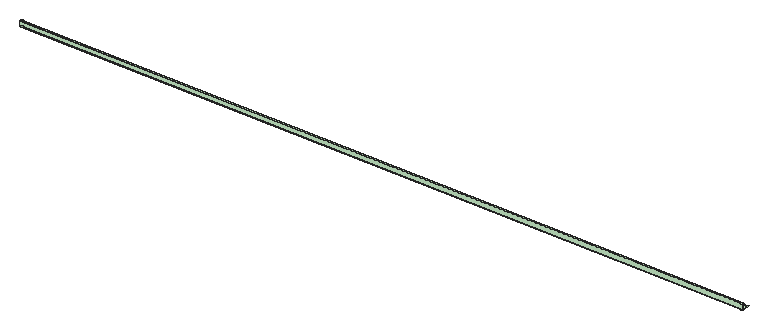
Revit family "eL3025", category 機械設備, Revit 2020
Family settings
  丸型コネクタ寸法 = 直径を使用
  種別 = なし
  パーツ タイプ = 標準
  作業面ベース = いいえ
  常に垂直 = はい
  ロード時にボイドで切り取り = いいえ
  共有 = いいえ
  部屋計算ポイント = いいえ
Parameters
  製造元 = "株式会社桐井製作所"
  既定の高さ = 0 mm
  URL = "https://www.kirii.co.jp/"
  K_長さ(mm) = 3200 mm
  K_板厚(mm) = 0.5 mm
  K_材質 = "カラー鋼板"
  K_品名 = "eL3025"
  K_名称 = "システム天井見切り"
  K_入数 = "30"
  K_バージョン情報 = "20220411"
Reference planes
  plane 1 "中心(正面/背面)": y = 0
  plane 2: z = 0
  plane 3 "中心(左/右)": x = 0
  plane 4: x = 3200
Forms (mm)
  Extrusion 1, solid
    sketch origin (0, 0, 0) x (0, 1, 0) y (0, 0, 1)
      loop
        line (1.8, 23.8) -> (1.8, 22.483) -> (2.4, 23.005) -> (2.4, 23.8)
        arc (2.4, 23.8) -> (2.049, 24.649) -> (1.2, 25) r 1.2
        arc (1.2, 25) -> (0.351, 24.649) -> (0, 23.8) r 1.2
        line (0, 23.8) -> (0, 1.2)
        arc (0, 1.2) -> (0.351, 0.351) -> (1.2, 0) r 1.2
        line (1.2, 0) -> (28.8, 0)
        arc (28.8, 0) -> (29.649, 0.351) -> (30, 1.2) r 1.2
        arc (30, 1.2) -> (29.649, 2.049) -> (28.8, 2.4) r 1.2
        line (28.8, 2.4) -> (27.478, 2.4) -> (28, 1.8) -> (28.8, 1.8)
        arc (28.8, 1.8) -> (29.224, 1.624) -> (29.4, 1.2) r 0.6
        arc (29.4, 1.2) -> (29.224, 0.776) -> (28.8, 0.6) r 0.6
        line (28.8, 0.6) -> (1.2, 0.6)
        arc (1.2, 0.6) -> (0.776, 0.776) -> (0.6, 1.2) r 0.6
        line (0.6, 1.2) -> (0.6, 23.8)
        arc (0.6, 23.8) -> (0.776, 24.224) -> (1.2, 24.4) r 0.6
        arc (1.2, 24.4) -> (1.624, 24.224) -> (1.8, 23.8) r 0.6
    from 0 to 3200
Dimensions and locks
  "K_長さ(mm)": plane 4 to plane 3 "中心(左/右)"
  aligned and locked: level to plane 2
  aligned and locked: plane 4 to Extrusion 1
Automatic sketch dimensions
  Extrusion 1 sketch curve to Extrusion 1 sketch curve = 0 mm  (x10)
  Extrusion 1 sketch curve to plane 1 "中心(正面/背面)" = 0 mm
  Extrusion 1 sketch curve to level = 0 mm
  Extrusion 1 sketch curve to Extrusion 1 sketch curve = 0.6 mm  (x3)
  level to Extrusion 1 sketch curve = 1.8 mm
  Extrusion 1 sketch curve to Extrusion 1 sketch curve = 26.8 mm
  Extrusion 1 sketch curve to Extrusion 1 sketch curve = 0.8 mm
  Extrusion 1 sketch curve to Extrusion 1 sketch curve = 21.283 mm
  Extrusion 1 sketch curve to Extrusion 1 sketch curve = 0.522 mm  (x2)
  Extrusion 1 sketch curve to Extrusion 1 sketch curve = 0.795 mm
